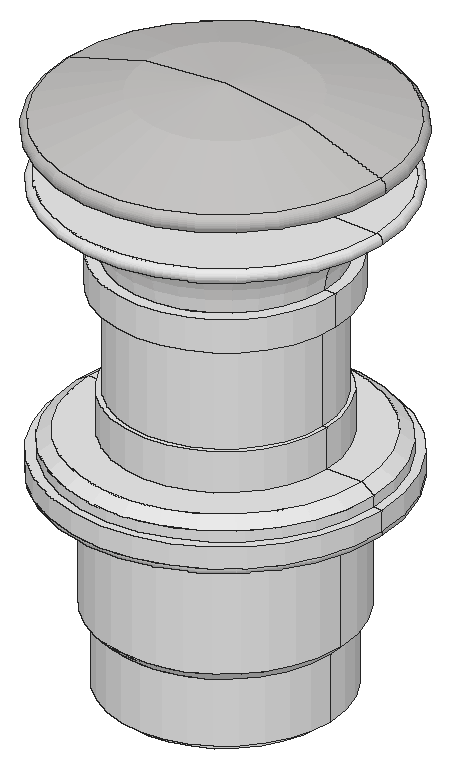
Revit family "PlumbingFixture_GroheLimited_WasteSet_40824000_METRIC1", category Plumbing Fixtures, host Face, Revit 2015
Parameters (values of type "40824000")
  _DistributedBy = "www.bimstore.co.uk"
  _CurrentRevision = 1
  _CreatedBy = "www.bimstore.co.uk"
  _BimSpecGuid = 0
  _BSBibleVersion = 14
  _AuthorizedBy = "Kris Atkinson"
  _Author = "Ryan Lashley"
  Waste Connection = yes
  WarrantyStartDate [instance] = "Please Record On Commissioning."
  WarrantyGuarantorParts = "info-uk@grohe.com"
  WarrantyGuarantorLabor = "info-uk@grohe.com"
  WarrantyDurationUnit = "Years"
  WarrantyDurationParts = "n/a"
  WarrantyDurationLabor = "n/a"
  WarrantyDescription = "n/a"
  WFU = 0
  Vent Connection = no
  URL = "www.grohe.com"
  TypeName = "Waste set with push - open plug"
  Type Comments = "40824000"
  SpareParts = "n/a"
  Size = "n/a"
  Shape = "n/a"
  SerialNumber [instance] = "Please Record On Commissioning."
  SecondaryMaterial = ABS Plastic - White
  ReplacementCost = "n/a"
  ReferencedStandard = "n/a"
  ProductionYear = "2017"
  ProductPageURL = "https://www.grohe.co.uk/en_gb/waste-set-with-push-open-plug-40824000.html"
  ProductDocumentationLink = "https://www.grohe.co.uk/en_gb/waste-set-with-push-open-plug-40824000.html"
  PrimaryMaterial = GroheLimited-Chrome
  PercentageOfRecycledContent = "n/a"
  NominalLength = 0 mm
  NominalHeight = 0 mm
  NominalDepth = 0 mm
  NBSReference = "45-35-70/314"
  NBSOfficeMasterTag = "n/a"
  NBSObjectName = "Grohe Limited - Wastes for baths"
  NBSNote = ""
  NBSDescription = "Wastes for baths"
  ModelReference = "Waste set with push - open plug"
  ModelNumber = "40824000"
  Model = "Waste set with push - open plug"
  Material = "Chrome & PVC"
  MasterformatTitle = "Sanitary Facilities"
  MasterformatNumber = "01 52 19"
  ManufacturerName = "Grohe Limited"
  Manufacturer = "Grohe Limited"
  LowEmittingMaterial = no
  LEEDCredit = "n/a"
  Keynote = "N13"
  InstallationDate [instance] = "Please Record On Commissioning."
  IndustryStandards = "n/a"
  IfcExportType = "IfcPipeFittingType"
  IfcExportAs = "IfcPipeFitting"
  HotWaterConnectionDiameter = 10 mm
  HWFU = 4.5
  HW Connection = no
  Grade = "n/a"
  Finish = "Chrome & PVC"
  Features = "for wash basins with overflow. removable plug. closable."
  ExpectedLife = 0
  Ecojoy = no
  DurationUnit = "Years"
  DocumentationTechnical = "n/a"
  DocumentationMaintenance = "n/a"
  DocumentationLiterature = "n/a"
  DocumentationInstallationGuide = "n/a"
  DocumentationCertificates = "n/a"
  Description = "for wash basins with overflow. removable plug. closable."
  Default Elevation = 0 mm
  CreatedOn = "2017-09-01T09:00:00"
  CreatedBy = "info-uk@grohe.com"
  Cost = 0
  Constituents = "n/a"
  Color = "Silver & White"
  ColdWaterConnectionDiameter = 10 mm
  CodePerformance = "n/a"
  ClassificationValue = "Pr_70_55_96_06"
  ClassificationName = "Uniclass2015"
  CWFU = 4.5
  CW Connection = no
  BarCode [instance] = "Please Record On Commissioning."
  BIMObjectName = "PlumbingFixture_GroheLimited_WasteSet_40824000_METRIC"
  AssetType = "Fixed"
  AssetIdentifier [instance] = "Please Record On Commissioning."
  Assembly Code = "D2010"
  AccessibilityPerformance = "n/a"
  ADACompliant = no
Reference planes
  plane 1 "Center (Front/Back)": y = 0
  plane 2: z = 0
  plane 3 "Center (Left/Right)": x = 0
Forms (mm)
  Revolve 1, solid, material "ABS Plastic - White" <- "SecondaryMaterial"
    sketch origin (0, 0, 0) x (1, 0, 0) y (0, 0, 1)
      loop
        line (0, -94.428) -> (0, -2.614) -> (-30.117, -2.614)
        arc (-30.117, -2.614) -> (-31.249, -3.676) -> (-30.263, -4.874) r 1.135
        arc (-30.263, -4.874) -> (-23.015, -8.626) -> (-19.87, -16.158) r 11.941
        line (-19.87, -16.158) -> (-22.071, -16.158) -> (-22.071, -22.091) -> (-19.344, -22.091) -> (-19.344, -40.752) -> (-20.253, -40.752) -> (-20.253, -48.032) -> (-27.153, -48.032) -> (-29.536, -49.7) -> (-29.536, -51.614) -> (-31.258, -51.614) -> (-31.258, -55.494)
        arc (-31.258, -55.494) -> (-30.96, -56.336) -> (-30.198, -56.803) r 1.338
        line (-30.198, -56.803) -> (-24.423, -58.031)
        arc (-24.423, -58.031) -> (-23.4, -58.657) -> (-23, -59.788) r 1.797
        line (-23, -59.788) -> (-23, -78.909) -> (-21, -80.909) -> (-21, -92.909) -> (-19, -92.909) -> (-19, -94.428) -> (0, -94.428)
      axis (0, -2.614) -> (0, -94.428)
    angle from 0 to 360
  Revolve 2, void
    sketch origin (0, 0, 0) x (1, 0, 0) y (0, 0, 1)
      loop
        line (0, -94.428) -> (0, 0) -> (-36.258, 0)
        arc (-36.258, 0) -> (-32.723, -1.464) -> (-31.258, -5) r 5
        line (-31.258, -5) -> (-31.258, -55.494)
        arc (-31.258, -55.494) -> (-30.96, -56.336) -> (-30.198, -56.803) r 1.338
        line (-30.198, -56.803) -> (-24.423, -58.031)
        arc (-24.423, -58.031) -> (-23.4, -58.657) -> (-23, -59.788) r 1.797
        line (-23, -59.788) -> (-23, -94.428) -> (0, -94.428)
      axis (0, 0) -> (0, -94.428)
    angle from 0 to 360
  Revolve 3, solid, material "GroheLimited-Chrome" <- "PrimaryMaterial"
    sketch origin (0, 0, 0) x (1, 0, 0) y (0, 0, 1)
      loop
        line (-15.891, -2.614) -> (0, -2.614) -> (0, 13.701)
        arc (0, 13.701) -> (-15.774, 12.116) -> (-30.946, 7.517) r 81.768
        arc (-30.946, 7.517) -> (-31.964, 5.618) -> (-30.299, 4.251) r 1.697
        line (-30.299, 4.251) -> (-15.891, 4.251) -> (-15.891, -2.614)
      axis (0, 13.701) -> (0, -2.614)
    angle from 0 to 360
Dimensions and locks
  aligned and locked: plane 2 to host face
  aligned and locked: level to host face
Connectors
  piping at (0, 0, -94.428), diameter 32
    settings: on Revolve 1, index 1, connector inside diameter 609.6 mm, connector length 0 mm, flow factor 0, pipe flow 0.0 L/s, pressure drop 0.0 Pa, fitting loss kfactor 0, connector angle 0.00°, fixture units 0, engagement length 0 mm, angle of deflection 0.00°, flow configuration 3, flow direction 2, fitting loss method 4, system type 16, joint type 0, gender type 0, connector reference index -1, connector utility 0, adjustable connector no, is connector primary yes, connector description ""
